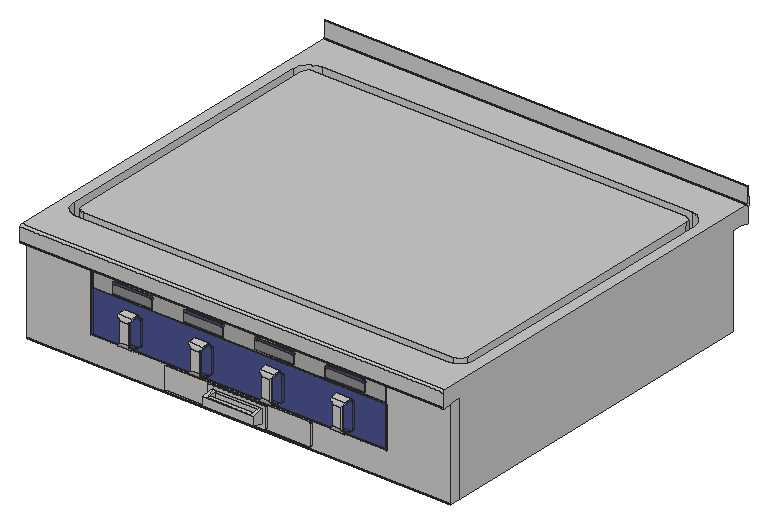
Revit family "QF_ELECTROLUXPROFESSIONAL_589131_MCTCABJOAO", category Specialty Equipment, Revit 2018
Family settings
  Round Connector Dimension = Use Diameter
  Part Type = Normal
  Work Plane-Based = No
  Always vertical = Yes
  Cut with Voids When Loaded = No
  Shared = No
  Room Calculation Point = No
Parameters
  Weight in Pounds = 352.73
  Watts = 16000 VA  # 16000 W
  Volts = 400 V  # constant formula
  URL Cutsheet = ""
  Type Mark [instance] = ""
  Status [instance] = ""
  Specification by User [instance] = ""
  Specification by Manufacturer = ""
  Show Clearance [instance] = yes
  Serial Number = ""
  Seismic Rating = ""
  SMACNA No = ""
  Revision Code [instance] = ""
  Phase = 3  # constant formula
  Omniclass Number and Title = ""
  Number of Poles [instance] = 1
  NAFEM Spec ID Number = ""
  Model = "589131"
  Min Ckt Ampacity = 0 A
  Max Overcurrent Protection = 0 A
  Masterspec = ""
  Manufacturer = "ELECTROLUX"
  Item Number [instance] = ""
  Installed By [instance] = ""
  Identify Quantity as Lot [instance] = yes
  HP = "21.5 HP"
  Furnished By [instance] = ""
  Foodservice Equipment Identifier [instance] = yes
  FL Amps [instance] = if(Phase = 3, Watts / (Volts * 1.73), Watts / Volts)  # 23.1214 A
  Electrical Remarks = "400 V/3N ph/50/60 Hz"  # constant formula
  Electric Connection Type [instance] = ""
  Elec Conn RI Height [instance] = 0 mm
  Elec Conn Connection Height [instance] = 0 mm
  Direct Waste Size = 0"
  Description = "EL.FREE COOKING TOP,1S,BS,1000X900X250H"
  Cycle [instance] = if([60 Hertz Option], 60 Hz, 50 Hz)  # 60 Hz
  Conn Plug = ""
  Conn Conduit = yes
  CSI MasterFormat = ""
  CSI Master Format = ""
  Apparent Power [instance] = if(Phase = 3, Volts * FL Amps * 1.73, Volts * FL Amps)  # 16000 VA
  60 Hertz Option [instance] = not([50 Hertz Option])  # yes
  50 Hertz Option [instance] = no
Reference planes
  plane 1 "BACK": y = 0
  plane 2: z = 0
  plane 3 "LEFT": x = 0
  plane 4 "RIGHT": x = 1000
  plane 5 "FRONT": y = -900
  plane 6 "TOP": z = 250
  plane 7: x = 500
  plane 8: y = -450
  plane 9: y = -1330
  plane 10: x = 955
Forms (mm)
  Extrusion 1, solid, material "QF_Finishes_Stainless Steel"
    sketch origin (0, -487.128, 0) x (0, 1, 0) y (0, 0, 1)
      loop
        line (483.128, 250) -> (-408.872, 250)
        arc (-408.872, 250) -> (-411.7, 248.828) -> (-412.872, 246) r 4
        line (-412.872, 246) -> (-412.872, 214)
        arc (-412.872, 214) -> (-411.437, 210.931) -> (-408.161, 210.064) r 4
        line (-408.161, 210.064) -> (-392.872, 213) -> (-367.872, 213) -> (-367.872, 0) -> (441.128, 0) -> (441.128, 213) -> (465.765, 213) -> (482.433, 210.061)
        arc (482.433, 210.061) -> (485.699, 210.936) -> (487.128, 214) r 4
        line (487.128, 214) -> (487.128, 246)
        arc (487.128, 246) -> (485.956, 248.828) -> (483.128, 250) r 4
    from 0 to 1000
  Extrusion 2, void
    sketch origin (653.786, 44.048, 250) x (1, 0, 0) y (0, -1, 0)
      loop
        line (-590.636, 133.048) -> (283.064, 133.048)
        arc (283.064, 133.048) -> (310.04, 144.222) -> (321.214, 171.198) r 38.15
        line (321.214, 171.198) -> (321.214, 816.572)
        arc (321.214, 816.572) -> (309.944, 843.779) -> (282.737, 855.048) r 38.476
        line (282.737, 855.048) -> (-591.786, 855.048)
        arc (-591.786, 855.048) -> (-617.949, 844.211) -> (-628.786, 818.048) r 37
        line (-628.786, 818.048) -> (-628.786, 171.198)
        arc (-628.786, 171.198) -> (-617.613, 144.222) -> (-590.636, 133.048) r 38.15
    from 0 to 37
  Extrusion 3, solid, material "QF_Finishes_Stainless Steel"
    sketch origin (0, -854, 0) x (1, 0, 0) y (0, -1, 0)
      loop
        circle (955, -169) r 6.35
    from 0 to 3.2
  Extrusion 4, solid, material "QF_Door-Drawer Clearances", visible <- "Show Clearance", detail levels coarse
    sketch origin (537.31, -882.593, 8.62) x (0, 0, 1) y (-1, 0, 0)
      loop
        line (1.973, -134.295) -> (49.317, -134.295)
        arc (49.317, -134.295) -> (50.776, -133.691) -> (51.38, -132.232) r 2.063
        line (51.38, -132.232) -> (51.38, 206.852)
        arc (51.38, 206.852) -> (50.88, 208.549) -> (49.541, 209.705) r 3.133
        line (49.541, 209.705) -> (3.067, 209.705)
        arc (3.067, 209.705) -> (0.898, 208.807) -> (0, 206.638) r 3.067
        line (0, 206.638) -> (0, -132.322)
        arc (0, -132.322) -> (0.578, -133.717) -> (1.973, -134.295) r 1.973
    from 0 to 447.407
  Extrusion 5, solid, material "QF_Finishes_Stainless Steel"
    sketch origin (653.786, 44.048, 213) x (1, 0, 0) y (0, 1, 0)
      loop
        line (-608.786, -171.198) -> (-608.786, -816.898)
        arc (-608.786, -816.898) -> (-603.47, -829.732) -> (-590.636, -835.048) r 18.15
        line (-590.636, -835.048) -> (283.064, -835.048)
        arc (283.064, -835.048) -> (295.898, -829.732) -> (301.214, -816.898) r 18.15
        line (301.214, -816.898) -> (301.214, -171.198)
        arc (301.214, -171.198) -> (295.898, -158.364) -> (283.064, -153.048) r 18.15
        line (283.064, -153.048) -> (-590.636, -153.048)
        arc (-590.636, -153.048) -> (-603.47, -158.364) -> (-608.786, -171.198) r 18.15
    from 0 to 37
  Extrusion 6, solid, material "QF_Finishes_Stainless Steel"
    sketch origin (0, -950.048, 0) x (0, -1, 0) y (0, 0, -1)
      loop
        arc (-948.097, -252.006) -> (-947.511, -250.592) -> (-946.097, -250.006) r 2
        arc (-946.097, -250.006) -> (-948.877, -248.828) -> (-950.048, -246) r 4
        line (-950.048, -246) -> (-950.048, -288.006) -> (-948.097, -288.006) -> (-948.097, -252.006)
    from 0 to 1000
Cuts and joins
  Extrusion 2 cuts Extrusion 1
Lines and regions (mm)
  symbolic lines
    curve 1: line (25, -774, 0) -> (25, -127.15, 0)
    curve 2: arc (25, -127.15, 0) -> (36.174, -100.174, 0) -> (63.15, -89, 0) r 38.15
    curve 3: line (63.15, -89, 0) -> (936.85, -89, 0)
    curve 4: arc (936.85, -89, 0) -> (963.826, -100.174, 0) -> (975, -127.15, 0) r 38.15
    curve 5: line (975, -127.15, 0) -> (975, -772.524, 0)
    curve 6: arc (975, -772.524, 0) -> (963.731, -799.731, 0) -> (936.524, -811, 0) r 38.476
    curve 7: line (936.524, -811, 0) -> (62, -811, 0)
    curve 8: arc (62, -811, 0) -> (35.837, -800.163, 0) -> (25, -774, 0) r 37
    curve 9: line (0, 0, 0) -> (1000, 0, 0)
    curve 10: line (0, -900, 0) -> (0, 0, 0)
    curve 11: line (1000, -900, 0) -> (0, -900, 0)
    curve 12: line (1000, 0, 0) -> (1000, -900, 0)
  symbolic lines, style "QF_Door-Drawer Clearances"
    curve 13: line (671.605, -1330, 0) -> (671.605, -900, 0)
    curve 14: line (671.605, -1330, 0) -> (327.605, -1330, 0)
    curve 15: line (327.605, -1330, 0) -> (327.605, -900, 0)
  symbolic lines, style "SpecialityEquipment"
    curve 16: line (955, -772.85, 0) -> (955, -127.15, 0)
    curve 17: arc (955, -127.15, 0) -> (949.684, -114.316, 0) -> (936.85, -109, 0) r 18.15
    curve 18: line (936.85, -109, 0) -> (63.15, -109, 0)
    curve 19: arc (63.15, -109, 0) -> (50.316, -114.316, 0) -> (45, -127.15, 0) r 18.15
    curve 20: line (45, -127.15, 0) -> (45, -772.85, 0)
    curve 21: arc (45, -772.85, 0) -> (50.316, -785.684, 0) -> (63.15, -791, 0) r 18.15
    curve 22: line (63.15, -791, 0) -> (936.85, -791, 0)
    curve 23: arc (936.85, -791, 0) -> (949.684, -785.684, 0) -> (955, -772.85, 0) r 18.15
    curve 24: line (0, -1.951, 0) -> (1000, -1.951, 0)
Dimensions and locks
  plane 3 "LEFT" to plane 4 "RIGHT" = 1000 mm
  plane 5 "FRONT" to plane 1 "BACK" = 900 mm
  equal spacing: plane 3 "LEFT", plane 7, plane 4 "RIGHT"
  equal spacing: plane 5 "FRONT", plane 8, plane 1 "BACK"
  plane 6 "TOP" to level = 250 mm  (x2)
  plane 1 "BACK" to plane 5 "FRONT" = 900 mm
  Extrusion 3 sketch curve to plane 1 "BACK" = 685 mm
  Extrusion 3 sketch curve to plane 4 "RIGHT" = 45 mm
  plane 5 "FRONT" to plane 9 = 430 mm
  plane 1 "BACK" to Extrusion 3 = 685 mm
  plane 10 to plane 4 "RIGHT" = 45 mm
  aligned and locked: level to plane 2
  aligned and locked: plane 7 to nested 1
  aligned and locked: Extrusion 4 to plane 9
  aligned and locked: Extrusion 1 to plane 4 "RIGHT"
Automatic sketch dimensions
  Extrusion 1 sketch curve to plane 5 "FRONT" = 0 mm
  Extrusion 1 sketch curve to plane 6 "TOP" = 0 mm
  Extrusion 1 sketch curve to level = 0 mm
  Extrusion 1 sketch curve to plane 1 "BACK" = 0 mm
  Extrusion 1 sketch curve to plane 6 "TOP" = 37 mm  (x2)
  Extrusion 1 sketch curve to plane 5 "FRONT" = 4 mm
  Extrusion 1 sketch curve to plane 5 "FRONT" = 20 mm
  Extrusion 1 sketch curve to plane 5 "FRONT" = 45 mm
  plane 1 "BACK" to Extrusion 1 sketch curve = 21.363 mm
  plane 1 "BACK" to Extrusion 1 sketch curve = 4 mm  (x2)
  Extrusion 1 sketch curve to Extrusion 1 sketch curve = 4 mm
  Extrusion 1 sketch curve to Extrusion 1 sketch curve = 0.711 mm
  plane 1 "BACK" to Extrusion 1 sketch curve = 4.695 mm
  Extrusion 1 sketch curve to Extrusion 1 sketch curve = 0 mm  (x2)
  Extrusion 1 sketch curve to Extrusion 1 sketch curve = 1 mm  (x2)
  plane 1 "BACK" to Extrusion 1 sketch curve = 46 mm
  Extrusion 4 sketch curve to nested 1 = 1.973 mm
  Extrusion 4 sketch curve to nested 1 = 2.853 mm
  Extrusion 4 sketch curve to nested 1 = 1.839 mm
  Extrusion 1 to Extrusion 2 sketch curve = 25 mm  (x2)
  Extrusion 1 to Extrusion 2 sketch curve = 85 mm
  Extrusion 2 sketch curve to Extrusion 2 sketch curve = 37 mm
  Extrusion 2 sketch curve to Extrusion 2 sketch curve = 38.15 mm
  Extrusion 1 to Extrusion 2 sketch curve = 63.476 mm
  Extrusion 1 to Extrusion 2 sketch curve = 63.15 mm
  Extrusion 1 to Extrusion 2 sketch curve = 123.15 mm
  Extrusion 5 sketch curve to Extrusion 2 = 20 mm  (x3)
  Extrusion 5 sketch curve to Extrusion 2 = 38.15 mm  (x5)
  curve 2 to curve 19 = 0 mm  (x2)
  curve 4 to curve 17 = 0 mm  (x2)
  curve 12 to plane 4 "RIGHT" = 0 mm
  curve 16 to plane 10 = 0 mm
  plane 9 to curve 13 = 0 mm
  curve 11 to plane 3 "LEFT" = 0 mm
  plane 1 "BACK" to curve 12 = 0 mm
  plane 5 "FRONT" to curve 11 = 0 mm
  curve 5 to plane 10 = 20 mm
  plane 10 to curve 18 = 18.15 mm
  plane 10 to curve 22 = 18.15 mm
  plane 10 to curve 7 = 18.476 mm
  plane 10 to curve 13 = 283.395 mm
  curve 15 to plane 7 = 172.395 mm
  plane 3 "LEFT" to curve 22 = 63.15 mm
  plane 3 "LEFT" to curve 18 = 63.15 mm
  curve 22 to curve 7 = 1.15 mm
  curve 8 to curve 20 = 17 mm
  plane 1 "BACK" to curve 3 = 89 mm
  curve 5 to plane 5 "FRONT" = 127.476 mm
  curve 20 to curve 8 = 1.15 mm
  Extrusion 6 sketch curve to plane 1 "BACK" = 0 mm  (x2)
  Extrusion 6 sketch curve to plane 6 "TOP" = 2.006 mm
  Extrusion 6 sketch curve to plane 6 "TOP" = 0 mm
  Extrusion 6 sketch curve to Extrusion 6 sketch curve = 1.951 mm
  Extrusion 6 sketch curve to Extrusion 6 sketch curve = 2 mm
  Extrusion 6 sketch curve to Extrusion 6 sketch curve = 0.049 mm
  Extrusion 6 sketch curve to Extrusion 6 sketch curve = 36 mm
  Extrusion 6 sketch curve to Extrusion 6 sketch curve = 0 mm
  radius of Extrusion 3 sketch curve = 6.35 mm
  radius of Extrusion 4 sketch curve to nested 1 = 0 mm  (x2)
Nested families
  nested 1: "EG_900_1000_Four Front Panel with Center Grease Trap" at (202.376, -855, -650), type "EG_900_1000_Four Front Panel with Center Grease Trap"
Connectors
  electrical at (955, -685, -3.2), driven by "Volts", driven by "Watts"
    settings: on Extrusion 3, index 1, voltage 400 V, apparent load 16000 VA, apparent load phase1 0 VA, apparent load phase2 0 VA, apparent load phase3 0 VA, power factor 1, load classification "Other", number of poles 1, system type 30, power factor state 1, is connector primary yes, connector utility no, sub classification motor no, connector description "ELECTRICAL CONNECTION"
Definition of nested family "EG_900_1000_Four Front Panel with Center Grease Trap"
  Reference planes
    plane 1 "Center (Front/Back)": y = 0
    plane 2: z = 0
    plane 3 "Center (Left/Right)": x = 297.624
    plane 4: x = -202.376
    plane 5: x = 797.624
    plane 6: y = -45
  Forms (mm)
    Extrusion 1, solid
      sketch origin (833.217, 829.203, -1.25) x (0, 1, 0) y (0, 0, 1)
        loop
          arc (-854.203, 654.25) -> (-853.324, 652.129) -> (-851.203, 651.25) r 3
          line (-851.203, 651.25) -> (-829.203, 651.25) -> (-829.203, 864.25) -> (-854.203, 864.25) -> (-854.203, 654.25)
      from -1035.593 to -35.593
    Extrusion 2, void
      sketch origin (33.217, 829.203, -1.25) x (1, 0, 0) y (0, 0, 1)
        loop
          line (-85.593, 855.116) -> (-85.593, 713.116) -> (614.407, 713.116) -> (614.407, 855.116) -> (-85.593, 855.116)
      from 848.59 to 854.203
  Cuts and joins
    Extrusion 2 cuts Extrusion 1
  Dimensions and locks
    equal spacing: plane 5, plane 3 "Center (Left/Right)", plane 4
    plane 5 to plane 4 = 1000 mm
    aligned and locked: cut or joined group of Extrusion 1, Extrusion 2 to plane 4
    aligned and locked: plane 5 to cut or joined group of Extrusion 1, Extrusion 2
    aligned and locked: plane 3 "Center (Left/Right)" to nested 2
    aligned and locked: cut or joined group of Extrusion 1, Extrusion 2 to nested 2
    aligned and locked: plane 3 "Center (Left/Right)" to nested 3
  Automatic sketch dimensions
    Extrusion 1 sketch curve to plane 1 "Center (Front/Back)" = 0 mm
    plane 1 "Center (Front/Back)" to Extrusion 1 sketch curve = 22 mm
    Extrusion 1 sketch curve to Extrusion 1 sketch curve = 3 mm
    level to Extrusion 1 sketch curve = 650 mm
    Extrusion 1 sketch curve to Extrusion 1 sketch curve = 210 mm
    plane 4 to Extrusion 2 sketch curve = 150 mm
    Extrusion 2 sketch curve to plane 5 = 150 mm
    level to Extrusion 2 sketch curve = 711.866 mm
    Extrusion 2 sketch curve to Extrusion 2 sketch curve = 142 mm
  Nested families
    nested 1: "Range Control Handle" at (46.32, -28.137, -209.113) x (-1, 0, 0) z (0, 0, 1), type "Range Control Handle"
    nested 2: "glass conrol panel" at (297.624, 280.644, 2.752), type "glass conrol panel"
    nested 3: "grease trap door" at (365.223, -25, 0.608) x (-1, 0, 0) z (0, 0, 1), type "grease trap door"
    nested 4: "Range Control Handle" at (213.82, -28.137, -209.113) x (-1, 0, 0) z (0, 0, 1), type "Range Control Handle"
    nested 5: "Range Control Handle" at (381.32, -28.137, -209.113) x (-1, 0, 0) z (0, 0, 1), type "Range Control Handle"
    nested 6: "Range Control Handle" at (548.82, -28.137, -209.113) x (-1, 0, 0) z (0, 0, 1), type "Range Control Handle"
  Definition of nested family "Range Control Handle"
    Reference planes
      plane 1 "Center (Front/Back)": y = 0
      plane 2: z = 0
      plane 3 "Center (Left/Right)": x = 0
      plane 4: z = 971.092
      plane 5: y = -16.9
    Forms (mm)
      Extrusion 1, solid
        sketch origin (-746.28, 380.497, 208.931) x (-1, 0, 0) y (0, 0, 1)
          loop
            line (-770.101, 786.798) -> (-770.101, 731.649)
            arc (-770.101, 731.649) -> (-769.759, 730.563) -> (-768.855, 729.87) r 1.893
            line (-768.855, 729.87) -> (-763.474, 727.911) -> (-729.81, 727.911) -> (-724.428, 729.87)
            arc (-724.428, 729.87) -> (-723.525, 730.563) -> (-723.183, 731.649) r 1.893
            line (-723.183, 731.649) -> (-723.183, 786.798)
            arc (-723.183, 786.798) -> (-723.529, 787.894) -> (-724.44, 788.593) r 1.91
            line (-724.44, 788.593) -> (-729.683, 790.819) -> (-763.601, 790.819) -> (-768.844, 788.593)
            arc (-768.844, 788.593) -> (-769.755, 787.894) -> (-770.101, 786.798) r 1.91
        from -382.35 to -378.852
      Sweep 2, solid
        path origin (-746.788, 380.496, 208.091) x (0, -1, 0) y (0, 0, 1)
          loop
            line (379.775, 793.281) -> (395.661, 791.048)
            arc (395.661, 791.048) -> (397.781, 787.377) -> (398.517, 783.202) r 12.207
            line (398.517, 783.202) -> (398.517, 737.368)
            arc (398.517, 737.368) -> (397.781, 733.193) -> (395.661, 729.522) r 12.207
            line (395.661, 729.522) -> (379.775, 727.289)
        profile origin (-746.788, -7.222, 1000.256) x (0, -0.139173, 0.990268) y (-1, 0, 0)
          loop
            line (0.782, -763.123) -> (0.782, -730.907) -> (-1.322, -730.907) -> (-1.322, -763.123) -> (0.782, -763.123)
      Sweep 3, solid
        path origin (-746.788, 380.715, 207.832) x (0, -1, 0) y (0, 0, 1)
          loop
            line (380.478, 795.442) -> (397.218, 793.09)
            arc (397.218, 793.09) -> (399.929, 788.473) -> (400.871, 783.202) r 15.207
            line (400.871, 783.202) -> (400.871, 737.584)
            arc (400.871, 737.584) -> (399.914, 732.274) -> (397.164, 727.633) r 15.207
            line (397.164, 727.633) -> (380.601, 725.305)
        profile origin (-746.788, -8.132, 1002.099) x (0, -0.139173, 0.990268) y (-1, 0, 0)
          loop
            line (0.782, -763.123) -> (0.782, -730.907) -> (-1.322, -730.907) -> (-1.322, -763.123) -> (0.782, -763.123)
      Extrusion 4, void
        sketch origin (889.253, 220.666, 207.993) x (1, 0, 0) y (0, 0, 1)
          loop
            line (-943.038, 816.854) -> (-943.038, 703.686) -> (-899.466, 734.196) -> (-899.466, 786.344) -> (-943.038, 816.854)
        from 230.636 to 242.25
      Extrusion 5, void
        sketch origin (-888.8, 220.666, 207.993) x (-1, 0, 0) y (0, 0, -1)
          loop
            line (-943.038, -816.854) -> (-899.466, -786.344) -> (-899.466, -734.196) -> (-943.038, -703.686) -> (-943.038, -816.854)
        from 230.636 to 242.25
      Extrusion 6, solid
        sketch origin (0, 0, 0) x (1, 0, 0) y (0, 0, 1)
          loop
            circle (0, 971.092) r 7.736
        from -3.137 to -1.645
    Cuts and joins
      Extrusion 4, Extrusion 5 cuts Sweep 3
      Extrusion 4, Extrusion 5 cuts Sweep 2
      joined: Extrusion 1, Extrusion 6
    Lines and regions (mm)
      symbolic lines
        curve 1: line (16.334, -16.9, 0) -> (16.334, -19.227, 0)
        curve 2: spline (16.334, -19.227, 0) -> (15.87, -19.385, 0) -> (15.404, -19.536, 0) -> (14.936, -19.678, 0) -> (14.466, -19.813, 0) -> (13.995, -19.94, 0) -> (13.523, -20.059, 0) -> (13.049, -20.171, 0) -> (12.575, -20.274, 0) -> (12.099, -20.37, 0) -> (11.622, -20.458, 0) -> (11.144, -20.537, 0) -> (10.666, -20.609, 0)
        curve 3: line (10.666, -16.9, 0) -> (10.666, -20.938, 0)
        curve 4: line (-10.213, -20.938, 0) -> (10.666, -20.938, 0)
        curve 5: line (-10.213, -20.938, 0) -> (-10.213, -16.9, 0)
        curve 6: spline (-10.213, -20.609, 0) -> (-10.691, -20.537, 0) -> (-11.169, -20.458, 0) -> (-11.646, -20.37, 0) -> (-12.122, -20.274, 0) -> (-12.597, -20.171, 0) -> (-13.07, -20.059, 0) -> (-13.542, -19.94, 0) -> (-14.013, -19.813, 0) -> (-14.483, -19.678, 0) -> (-14.951, -19.536, 0) -> (-15.417, -19.385, 0) -> (-15.881, -19.227, 0)
        curve 7: line (-15.881, -19.227, 0) -> (-15.881, -16.9, 0)
  Definition of nested family "glass conrol panel"
    Reference planes
      plane 1 "Center (Front/Back)": y = 0
      plane 2: z = 0
      plane 3 "Center (Left/Right)": x = 0
    Forms (mm)
      Extrusion 1, solid
        sketch origin (378.286, 0, 0.617) x (1, 0, 0) y (0, 0, 1)
          loop
            line (-728.286, 806.791) -> (-728.286, 708.497) -> (-28.286, 708.497) -> (-28.286, 806.791) -> (-728.286, 806.791)
        from 300.031 to 304.8
      Extrusion 2, solid
        sketch origin (378.286, 0, 0.617) x (1, 0, 0) y (0, 0, 1)
          loop
            line (-728.286, 850.497) -> (-728.286, 806.791) -> (-28.286, 806.791) -> (-28.286, 850.497) -> (-728.286, 850.497)
        from 300.031 to 304.8
      Extrusion 3, void
        sketch origin (378.286, 0, 0.617) x (1, 0, 0) y (0, 0, 1)
          loop
            line (-725.628, 847.565) -> (-725.628, 710.699) -> (-31.196, 710.699) -> (-31.196, 847.565) -> (-725.628, 847.565)
        from 303.697 to 304.8
      Extrusion 4, solid
        sketch origin (-392.059, 1.101, -0.633) x (-1, 0, 0) y (0, 0, -1)
          loop
            line (-261.431, -812.62) -> (-355.186, -812.62) -> (-355.186, -834.177) -> (-350.269, -834.177) -> (-348.469, -835.977) -> (-268.039, -835.977) -> (-266.24, -834.177) -> (-261.431, -834.177) -> (-261.431, -812.62)
        from 304.798 to 306.745
      Extrusion 5, solid
        sketch origin (-392.059, 1.101, -0.633) x (-1, 0, 0) y (0, 0, -1)
          loop
            line (-350.269, -834.177) -> (-355.078, -834.177)
            arc (-355.078, -834.177) -> (-353.942, -838.747) -> (-349.686, -840.763) r 5.5
            line (-349.686, -840.763) -> (-266.98, -840.763)
            arc (-266.98, -840.763) -> (-262.706, -838.752) -> (-261.529, -834.177) r 5.549
            line (-261.529, -834.177) -> (-266.24, -834.177) -> (-268.039, -835.977) -> (-348.469, -835.977) -> (-350.269, -834.177)
        from 304.798 to 306.745
      Extrusion 6, solid
        sketch origin (392.059, 1.101, -0.633) x (1, 0, 0) y (0, 0, 1)
          loop
            line (-261.431, 812.62) -> (-261.431, 834.177) -> (-266.24, 834.177) -> (-268.039, 835.977) -> (-348.469, 835.977) -> (-350.269, 834.177) -> (-355.186, 834.177) -> (-355.186, 812.62) -> (-261.431, 812.62)
        from 304.798 to 306.745
      Extrusion 7, solid
        sketch origin (392.059, 1.101, -0.633) x (1, 0, 0) y (0, 0, 1)
          loop
            line (-350.269, 834.177) -> (-348.469, 835.977) -> (-268.039, 835.977) -> (-266.24, 834.177) -> (-261.529, 834.177)
            arc (-261.529, 834.177) -> (-262.706, 838.752) -> (-266.98, 840.763) r 5.549
            line (-266.98, 840.763) -> (-349.686, 840.763)
            arc (-349.686, 840.763) -> (-353.942, 838.747) -> (-355.078, 834.177) r 5.5
            line (-355.078, 834.177) -> (-350.269, 834.177)
        from 304.798 to 306.745
      Extrusion 8, solid
        sketch origin (-559.559, 1.101, -0.633) x (-1, 0, 0) y (0, 0, -1)
          loop
            line (-261.431, -812.62) -> (-355.186, -812.62) -> (-355.186, -834.177) -> (-350.269, -834.177) -> (-348.469, -835.977) -> (-268.039, -835.977) -> (-266.24, -834.177) -> (-261.431, -834.177) -> (-261.431, -812.62)
        from 304.798 to 306.745
      Extrusion 9, solid
        sketch origin (-559.559, 1.101, -0.633) x (-1, 0, 0) y (0, 0, -1)
          loop
            line (-350.269, -834.177) -> (-355.078, -834.177)
            arc (-355.078, -834.177) -> (-353.942, -838.747) -> (-349.686, -840.763) r 5.5
            line (-349.686, -840.763) -> (-266.98, -840.763)
            arc (-266.98, -840.763) -> (-262.706, -838.752) -> (-261.529, -834.177) r 5.549
            line (-261.529, -834.177) -> (-266.24, -834.177) -> (-268.039, -835.977) -> (-348.469, -835.977) -> (-350.269, -834.177)
        from 304.798 to 306.745
      Extrusion 10, solid
        sketch origin (559.559, 1.101, -0.633) x (1, 0, 0) y (0, 0, 1)
          loop
            line (-261.431, 812.62) -> (-261.431, 834.177) -> (-266.24, 834.177) -> (-268.039, 835.977) -> (-348.469, 835.977) -> (-350.269, 834.177) -> (-355.186, 834.177) -> (-355.186, 812.62) -> (-261.431, 812.62)
        from 304.798 to 306.745
      Extrusion 11, solid
        sketch origin (559.559, 1.101, -0.633) x (1, 0, 0) y (0, 0, 1)
          loop
            line (-350.269, 834.177) -> (-348.469, 835.977) -> (-268.039, 835.977) -> (-266.24, 834.177) -> (-261.529, 834.177)
            arc (-261.529, 834.177) -> (-262.706, 838.752) -> (-266.98, 840.763) r 5.549
            line (-266.98, 840.763) -> (-349.686, 840.763)
            arc (-349.686, 840.763) -> (-353.942, 838.747) -> (-355.078, 834.177) r 5.5
            line (-355.078, 834.177) -> (-350.269, 834.177)
        from 304.798 to 306.745
    Cuts and joins
      Extrusion 3 cuts Extrusion 1
      Extrusion 3 cuts Extrusion 2
    Dimensions and locks
      aligned and locked: Extrusion 1 to Extrusion 2
      aligned and locked: Extrusion 5 sketch curve to Extrusion 4  (x5)
      aligned and locked: Extrusion 5 to Extrusion 4
      aligned and locked: Extrusion 7 sketch curve to Extrusion 6  (x4)
      aligned and locked: Extrusion 6 to Extrusion 7 sketch curve
      aligned and locked: Extrusion 7 to Extrusion 6
      aligned and locked: Extrusion 9 sketch curve to Extrusion 8  (x5)
      aligned and locked: Extrusion 9 to Extrusion 8
      aligned and locked: Extrusion 11 sketch curve to Extrusion 10  (x4)
      aligned and locked: Extrusion 10 to Extrusion 11 sketch curve
      aligned and locked: Extrusion 11 to Extrusion 10
  Definition of nested family "grease trap door"
    Reference planes
      plane 1 "Center (Front/Back)": y = 0
      plane 2: z = 0
      plane 3 "Center (Left/Right)": x = 0
      plane 4: y = -20
    Forms (mm)
      Extrusion 1, solid
        sketch origin (1627.55, 854.203, -1.25) x (1, 0, 0) y (0, 0, 1)
          loop
            arc (-1627.55, 661.235) -> (-1626.972, 659.84) -> (-1625.577, 659.262) r 1.973
            line (-1625.577, 659.262) -> (-1494.325, 659.262)
            arc (-1494.325, 659.262) -> (-1492.156, 660.16) -> (-1491.258, 662.329) r 3.067
            line (-1491.258, 662.329) -> (-1491.258, 708.803)
            arc (-1491.258, 708.803) -> (-1492.414, 710.143) -> (-1494.111, 710.642) r 3.133
            line (-1494.111, 710.642) -> (-1625.486, 710.642)
            arc (-1625.486, 710.642) -> (-1626.945, 710.038) -> (-1627.55, 708.579) r 2.063
            line (-1627.55, 708.579) -> (-1627.55, 661.235)
        from 856.795 to 859.203
      Extrusion 2, solid
        sketch origin (445.874, 2476.61, 0) x (0, 1, 0) y (0, 0, 1)
          loop
            line (-2506.377, 675.273) -> (-2481.61, 667.505) -> (-2481.61, 700.995) -> (-2506.377, 693.227) -> (-2506.377, 675.273)
        from -437.68 to -317.68
      Extrusion 3, void
        sketch origin (1627.55, 854.203, -1.25) x (1, 0, 0) y (0, 0, 1)
          loop
            line (-1614.883, 703) -> (-1610.542, 695.433) -> (-1508.17, 695.433) -> (-1503.828, 703) -> (-1614.883, 703)
          loop
            line (-1614.883, 668) -> (-1502.669, 668) -> (-1507.01, 675.567) -> (-1610.542, 675.567) -> (-1614.883, 668)
        from 832.916 to 883.97
      Extrusion 4, void
        sketch origin (447.55, 854.203, -1.25) x (1, 0, 0) y (0, 0, 1)
          loop
            line (-430.542, 695.433) -> (-430.542, 675.567) -> (-328.17, 675.567) -> (-328.17, 695.433) -> (-430.542, 695.433)
        from 859.203 to 874.202
      Extrusion 5, solid
        sketch origin (1627.55, 854.203, -1.25) x (1, 0, 0) y (0, 0, 1)
          loop
            arc (-1731.556, 661.235) -> (-1730.978, 659.84) -> (-1729.583, 659.262) r 1.973
            line (-1729.583, 659.262) -> (-1390.623, 659.262)
            arc (-1390.623, 659.262) -> (-1388.454, 660.16) -> (-1387.556, 662.329) r 3.067
            line (-1387.556, 662.329) -> (-1387.556, 708.803)
            arc (-1387.556, 708.803) -> (-1388.712, 710.143) -> (-1390.409, 710.642) r 3.133
            line (-1390.409, 710.642) -> (-1729.493, 710.642)
            arc (-1729.493, 710.642) -> (-1730.952, 710.038) -> (-1731.556, 708.579) r 2.063
            line (-1731.556, 708.579) -> (-1731.556, 661.235)
        from 854.203 to 856.795
    Cuts and joins
      Extrusion 3 cuts Extrusion 1
      Extrusion 3, Extrusion 4 cuts Extrusion 2
      joined: Extrusion 1, Extrusion 2
    Lines and regions (mm)
      model lines
        curve 1: line (67.599, 0, 658.012) -> (67.599, 0, 709.392)
      symbolic lines
        curve 2: line (8.194, -20, 0) -> (8.194, -29.767, 0)
        curve 3: line (8.194, -29.767, 0) -> (128.194, -29.767, 0)
        curve 4: line (128.194, -29.767, 0) -> (128.194, -20, 0)
    Dimensions and locks
      aligned and locked: Extrusion 2 to Extrusion 1
      aligned and locked: Extrusion 3 to Extrusion 2
      aligned and locked: Extrusion 4 to Extrusion 1
